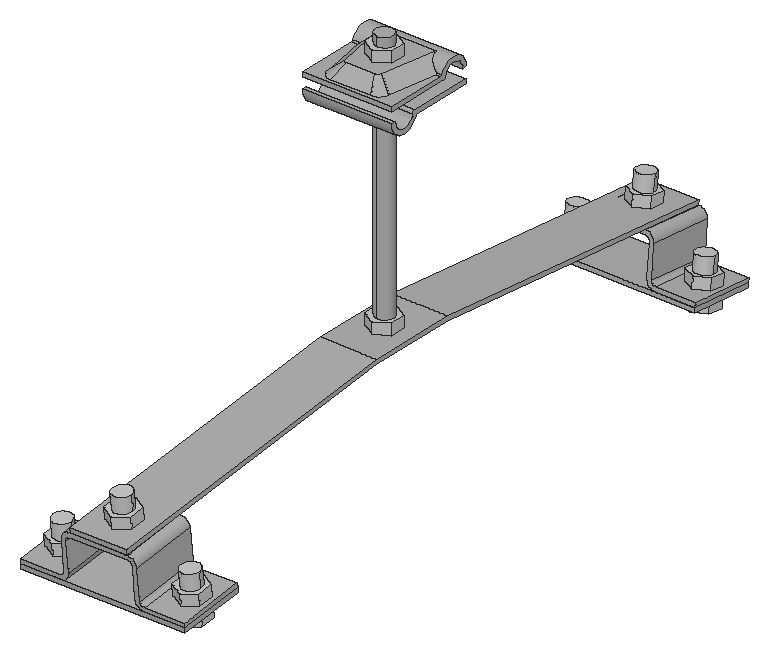
Revit family "DF_ДержательДляКонькаОпорный_Пруток-Пруток_70845_EZETEK", category Соединительные детали воздуховодов, Revit 2017
Family settings
  Размер круглого соединителя = Использовать радиус
  Тип детали = Соединение
  На основе рабочей плоскости = Нет
  Всегда вертикально = Да
  При загрузке вырезать с полостями = Нет
  Общий = Нет
Parameters (values of type "ДержательДляКонькаОпорный_Пруток-Пруток_70845")
  Угол = 90.00°  # constant formula
  Тип = FA_ДержательДляКонькаОпорный_Пруток-Пруток_70845_EZETEK : ДержательДляКонькаОпорный_Пруток-Пруток_70845
  СфераОшибки [instance] = or(ADSK_Размер_Радиус > 5.0 mm, ADSK_Размер_Радиус < 4.0 mm)  # no
  Смещение_Коннекторы_По горизонтали [instance] = if(Графика_Сместить_ПоГоризонтали, 14.0 mm, 0.0 mm)  # 14.0 mm
  Смещение_Коннекторы_По вертикали [instance] = if(Графика_Сместить_ПоВертикали, 2.5 mm, 0.0 mm)  # 2.5 mm
  Смещение_Коннекторы_Длина [instance] = if(Графика_Сместить_ПоДлине, 50.0 mm, 1.0 mm)  # 50.0 mm
  Предупреждение [instance] = if(СфераОшибки, "Допустимые диаметры стержней: 8, 10", "")  # ""
  Описание = "Держатель применяется для крепления прутка на коньке профильной, фальцевой, скатной кровли. Держатель закрепляется на кровле при помощи двух скоб для конька и кровельных саморезов. Для крепления прутка применяется держатель с резьбой М8, аналогичный Арт. 91071."  # constant formula
  Производитель_Контакты = "ezetek@ezetek.ru"  # constant formula
  built-in parameter 1114242 [instance] = 1 = 0  # (empty or 0)
  Изготовитель = "Ezetek"  # constant formula
  Графика_Сместить_ПоДлине [instance] = yes
  Графика_Сместить_ПоГоризонтали [instance] = yes
  Графика_Сместить_ПоВертикали [instance] = yes
  URL = "https://ezetek.ru/"
  R_Error [instance] = 1.0 mm  # constant formula
  R [instance] = if(ADSK_Размер_Радиус > 5.0 mm, 5.0 mm, if(ADSK_Размер_Радиус < 4.0 mm, 4.0 mm, R_Error))  # 1.0 mm
  ADSK_Этаж [instance] = ""
  ADSK_Размер_Радиус [instance] = 5.0 mm
  ADSK_Размер_Диаметр [instance] = ADSK_Размер_Радиус * 2  # 10.0 mm
  ADSK_Примечание [instance] = "Неспецифицируемое"  # constant formula
  ADSK_Позиция [instance] = "Неспецифицируемое"  # constant formula
  ADSK_Обозначение = "Неспецифицируемое"  # constant formula
  ADSK_Наименование краткое [instance] = "Неспецифицируемое"  # constant formula
  ADSK_Наименование = "Неспецифицируемое"  # constant formula
  ADSK_Материал = BIMLIB_Сталь_Оцинкованная_EZETEK
  ADSK_Масса_Текст = "Неспецифицируемое"  # constant formula
  ADSK_Масса = 0  # constant formula
  ADSK_Марка = "Неспецифицируемое"  # constant formula
  ADSK_Количество = 0  # constant formula
  ADSK_Код изделия = "Неспецифицируемое"  # constant formula
  ADSK_Завод-изготовитель = "Неспецифицируемое"  # constant formula
  ADSK_Единица измерения = "Неспецифицируемое"  # constant formula
  ADSK_Группирование [instance] = ""
  ADSK_Версия Revit = "2017"  # constant formula
Reference planes
  plane 1 "По центру (Вперед/Назад)": y = 0
  plane 2: z = 0
  plane 3 "По центру (Влево/Вправо)": x = 0
  plane 4 "в": z = 2.5
  plane 5 "н": z = -2.5
  plane 6: y = 14
  plane 7: y = -14
Forms (mm)
  Revolve 1, solid, material "СфераОшибки_Условный", visible <- "СфераОшибки"
    sketch origin (0, 0, 0) x (1, 0, 0) y (0, 1, 0)
      loop
        arc (1, 0) -> (0, 1) -> (-1, 0) r 1
        line (-1, 0) -> (1, 0)
      axis (1, 0) -> (-1, 0)
    angle from 0 to 360
Lines and regions (mm)
  reference lines
    curve 1: line (50, 14, 2.5) -> (-1.016, 14, 2.5)
    curve 2: line (1.016, -14, -2.5) -> (-50, -14, -2.5)
Dimensions and locks
  "Смещение_Коннекторы_По вертикали": plane 2 to plane 5 "н"
  "Смещение_Коннекторы_По вертикали": plane 4 "в" to plane 2
  curve 1 to curve 1 = 0.0 mm
  curve 2 to curve 2 = 0.0 mm
  "Смещение_Коннекторы_По горизонтали": plane 1 "По центру (Вперед/Назад)" to plane 7
  "Смещение_Коннекторы_По горизонтали": plane 1 "По центру (Вперед/Назад)" to plane 6
  locked: curve 1 to plane 3 "По центру (Влево/Вправо)" at 1.016
  "Смещение_Коннекторы_Длина": plane 3 "По центру (Влево/Вправо)" to curve 1
  "Смещение_Коннекторы_Длина": curve 2 to plane 3 "По центру (Влево/Вправо)"
  locked: plane 3 "По центру (Влево/Вправо)" to curve 2 at 1.016
  "R_Error": radius of Revolve 1 sketch curve
  aligned and locked: level to plane 2
  aligned and locked: plane 1 "По центру (Вперед/Назад)" to Revolve 1 sketch curve  (x2)
  aligned and locked: plane 2 to nested 1
  aligned and locked: curve 1 to plane 4 "в"
  aligned and locked: curve 1 to plane 6
  aligned and locked: plane 7 to curve 2
  aligned and locked: nested 1 to plane 1 "По центру (Вперед/Назад)"
  aligned and locked: plane 3 "По центру (Влево/Вправо)" to nested 1
Automatic sketch dimensions
  plane 1 "По центру (Вперед/Назад)" to Revolve 1 sketch curve = 0.0 mm
  Revolve 1 sketch curve to plane 3 "По центру (Влево/Вправо)" = 0.0 mm
  Revolve 1 sketch curve to Revolve 1 sketch curve = 0.294 mm
  Revolve 1 sketch curve to Revolve 1 sketch curve = 5.119 mm
Nested families
  nested 1: "FA_ДержательДляКонькаОпорный_Пруток-Пруток_70845_EZETEK" at (0, 0, 0) x (0, 1, 0) z (0, 0, 1), ADSK_Группирование <- "ADSK_Группирование", ADSK_Этаж <- "ADSK_Этаж", type "ДержательДляКонькаОпорный_Пруток-Пруток_70845", detail levels medium+fine
    with Использовать масштаб аннотаций 0, ADSK_Этаж "", ADSK_Примечание "", ADSK_Позиция "", ADSK_Наименование краткое "Держатель опорный для конька", ADSK_Группирование ""
Connectors
  hvac at (50, 14, 2.5), driven by "ADSK_Размер_Радиус"
    settings: on curve 1, index 1, duct flow 0.0 L/s, flow factor 0, pres drop 0.0 Pa, loss coef 0, conn angle 0.00°, conn width 304.8 mm, conn height 304.8 mm, conn diameter 10 mm, duct sys type 1, conn prof type 0, flow config 0, flow direction 0, loss method 0, conn ref index 2, conn util no, is conn primary yes, conn desc ""
  hvac at (-50, -14, -2.5), driven by "ADSK_Размер_Радиус"
    settings: on curve 2, index 2, duct flow 0.0 L/s, flow factor 0, pres drop 0.0 Pa, loss coef 0, conn angle 0.00°, conn width 304.8 mm, conn height 304.8 mm, conn diameter 10 mm, duct sys type 1, conn prof type 0, flow config 0, flow direction 0, loss method 0, conn ref index 1, conn util no, is conn primary no, conn desc ""
Definition of nested family "FA_ДержательДляКонькаОпорный_Пруток-Пруток_70845_EZETEK"
  Parameters (values of type "ДержательДляКонькаОпорный_Пруток-Пруток_EZETEK")
    Угол = 90.00°  # constant formula
    Производитель_Контакты = "ezetek@ezetek.ru"  # constant formula
    Description = "Держатель применяется для крепления прутка на коньке профильной, фальцевой, скатной кровли. Держатель закрепляется на кровле при помощи двух скоб для конька и кровельных саморезов. Для крепления прутка применяется держатель с резьбой М8, аналогичный Арт. 91071."  # constant formula
    Использовать масштаб аннотаций [instance] = 1 = 0  # 0
    Manufacturer = "Ezetek"  # constant formula
    URL = "https://ezetek.ru/"
    ADSK_Этаж [instance] = ""
    ADSK_Примечание [instance] = ""
    ADSK_Позиция [instance] = ""
    ADSK_Обозначение = "70845"
    ADSK_Наименование краткое [instance] = "Держатель опорный для конька"
    ADSK_Наименование = "Держатель проводника круглого 8-10 мм для конька опорный, оцинк."
    ADSK_Материал = none
    ADSK_Масса_Текст = "0.63"  # constant formula
    ADSK_Масса = 0.63  # constant formula
    ADSK_Марка = "70845"
    ADSK_Количество = 1  # constant formula
    ADSK_Код изделия = "70845"
    ADSK_Завод-изготовитель = "Ezetek"  # constant formula
    ADSK_Единица измерения = "шт."  # constant formula
    ADSK_Группирование [instance] = ""
    ADSK_Версия Revit = "2017"  # constant formula
  Reference planes
    plane 1 "По центру (Вперед/Назад)": y = 0
    plane 2: z = 0
    plane 3 "По центру (Влево/Вправо)": x = 0
    plane 4: z = -107.5
    plane 5: z = 18.264
    plane 6: z = 2.5
    plane 7: z = -2.5
    plane 8: x = -161.336
    plane 9: x = 161.336
    plane 10: z = -145.736
    plane 11: y = 12.698
    plane 12: y = -12.698
    plane 13: y = 37.073
    plane 14: y = -37.073
    plane 15: y = 28.888
    plane 16: y = -28.888
  Forms (mm)
    Extrusion 1, solid, material <- "ADSK_Материал", detail levels fine
      sketch origin (0, 0, 0) x (1, 0, 0) y (0, 1, 0)
        loop
          circle (0, 0) r 4.007
      from 18.264 to -107.5
    Extrusion 2, solid, detail levels fine
      sketch origin (52, 0, 6.471) x (1, 0, 0) y (0, 1, 0)
        loop
          line (-55.454, 5.982) -> (-58.907, 0) -> (-55.454, -5.982) -> (-48.546, -5.982) -> (-45.093, 0) -> (-48.546, 5.982) -> (-55.454, 5.982)
      from 3 to 8
    Extrusion 3, solid, detail levels fine
      sketch origin (52, 0, -17.474) x (1, 0, 0) y (0, 1, 0)
        loop
          line (-55.454, 5.982) -> (-58.907, 0) -> (-55.454, -5.982) -> (-48.546, -5.982) -> (-45.093, 0) -> (-48.546, 5.982) -> (-55.454, 5.982)
      from 3 to 8
    Blend 4, solid, material <- "ADSK_Материал", detail levels fine
      base sketch origin (-0.018, 0, 2.958) x (0, -1, 0) y (1, 0, 0)
        loop
          line (-17.873, 7.607) -> (-13.913, -14.85)
          arc (-13.913, -14.85) -> (-12.203, -17.812) -> (-8.989, -18.982) r 5
          line (-8.989, -18.982) -> (8.989, -18.982)
          arc (8.989, -18.982) -> (12.203, -17.812) -> (13.913, -14.85) r 5
          line (13.913, -14.85) -> (17.873, 7.607) -> (-17.873, 7.607)
      top sketch origin (-0.018, 0, 2.958) x (0, -1, 0) y (1, 0, 0)
        loop
          line (-12.582, 13.458) -> (-8.166, -11.582)
          arc (-8.166, -11.582) -> (-7.488, -12.757) -> (-6.214, -13.221) r 1.983
          line (-6.214, -13.221) -> (6.185, -13.221)
          arc (6.185, -13.221) -> (7.482, -12.749) -> (8.171, -11.554) r 2.017
          line (8.171, -11.554) -> (12.582, 13.458) -> (-12.582, 13.458)
      from 1.542 to 6.514
    Blend 5, solid, material <- "ADSK_Материал", detail levels fine
      base sketch origin (0.032, -0.06, -2.958) x (-1, 0, 0) y (0, -1, 0)
        loop
          line (7.777, 17.841) -> (-14.837, 13.853)
          arc (-14.837, 13.853) -> (-17.799, 12.143) -> (-18.969, 8.929) r 5
          line (-18.969, 8.929) -> (-18.969, -9.049)
          arc (-18.969, -9.049) -> (-17.799, -12.262) -> (-14.837, -13.973) r 5
          line (-14.837, -13.973) -> (7.777, -17.96) -> (7.777, 17.841)
      top sketch origin (0.032, -0.06, -2.958) x (-1, 0, 0) y (0, -1, 0)
        loop
          line (-11.673, -8.053) -> (13.339, -12.463) -> (13.339, 12.7) -> (-11.701, 8.285)
          arc (-11.701, 8.285) -> (-12.875, 7.607) -> (-13.339, 6.332) r 1.983
          line (-13.339, 6.332) -> (-13.339, -6.067)
          arc (-13.339, -6.067) -> (-12.867, -7.363) -> (-11.673, -8.053) r 2.017
      from -1.542 to -6.516
    Extrusion 6, solid, material <- "ADSK_Материал", detail levels fine
      sketch origin (0, 0, 0) x (1, 0, 0) y (0, 0, 1)
        loop
          arc (8.042, 2.5) -> (8.717, 2.746) -> (9.076, 3.367) r 1.049
          arc (9.076, 3.367) -> (14.435, 7.481) -> (19, 2.5) r 5
          line (19, 2.5) -> (21, 2.5)
          arc (21, 2.5) -> (15.236, 9.39) -> (7.437, 4.934) r 7
          arc (7.437, 4.934) -> (7.193, 4.619) -> (6.813, 4.5) r 0.665
          line (6.813, 4.5) -> (-21, 4.5) -> (-21, 2.5) -> (8.042, 2.5)
        loop
          arc (-8.042, -2.5) -> (-8.717, -2.746) -> (-9.076, -3.367) r 1.049
          arc (-9.076, -3.367) -> (-14.435, -7.481) -> (-19, -2.5) r 5
          line (-19, -2.5) -> (-21, -2.5)
          arc (-21, -2.5) -> (-15.236, -9.39) -> (-7.437, -4.934) r 7
          arc (-7.437, -4.934) -> (-7.193, -4.619) -> (-6.813, -4.5) r 0.665
          line (-6.813, -4.5) -> (21, -4.5) -> (21, -2.5) -> (-8.042, -2.5)
      from 20.103 to -20.103
    Extrusion 7, solid, detail levels fine
      sketch origin (52, 0, -110.5) x (1, 0, 0) y (0, 1, 0)
        loop
          line (-55.454, 5.982) -> (-58.907, 0) -> (-55.454, -5.982) -> (-48.546, -5.982) -> (-45.093, 0) -> (-48.546, 5.982) -> (-55.454, 5.982)
      from 3 to 8
    Extrusion 8, solid, detail levels fine
      sketch origin (-91.221, 28.888, -142.444) x (0.99431, 0, 0.106528) y (0, 1, 0)
        loop
          line (-55.454, 5.982) -> (-58.907, 0) -> (-55.454, -5.982) -> (-48.546, -5.982) -> (-45.093, 0) -> (-48.546, 5.982) -> (-55.454, 5.982)
      from 3 to 8
    Extrusion 9, solid, material <- "ADSK_Материал", detail levels fine
      sketch origin (0, 0, 0) x (1, 0, 0) y (0, 0, 1)
        loop
          line (20, -102.5) -> (161.123, -117.62) -> (161.336, -115.631) -> (20.107, -100.5) -> (-20.107, -100.5) -> (-161.336, -115.631) -> (-161.123, -117.62) -> (-20, -102.5) -> (20, -102.5)
      from 12.698 to -12.698
    Extrusion 10, solid, material <- "ADSK_Материал", detail levels fine
      sketch origin (-147.781, 0, -102.554) x (0.106528, 0, -0.99431) y (0, -1, 0)
        loop
          line (37.688, 37.014) -> (35.688, 37.014) -> (35.688, -37) -> (37.688, -37) -> (37.688, 37.014)
      from 14.871 to -15.105
    Extrusion 11, solid, material <- "ADSK_Материал", detail levels fine
      sketch origin (-148.123, 0, -99.362) x (0.106528, 0, -0.99431) y (0, -1, 0)
        loop
          line (38.899, -37.006) -> (38.899, -18.987)
          arc (38.899, -18.987) -> (37.733, -16.172) -> (34.918, -15.006) r 3.981
          line (34.918, -15.006) -> (20.899, -15.006)
          arc (20.899, -15.006) -> (19.485, -14.42) -> (18.899, -13.006) r 2
          line (18.899, -13.006) -> (18.899, 13.006)
          arc (18.899, 13.006) -> (19.485, 14.42) -> (20.899, 15.006) r 2
          line (20.899, 15.006) -> (34.918, 15.006)
          arc (34.918, 15.006) -> (37.733, 16.172) -> (38.899, 18.987) r 3.981
          line (38.899, 18.987) -> (38.899, 37.006) -> (36.918, 37.006) -> (36.918, 18.957)
          arc (36.918, 18.957) -> (36.347, 17.578) -> (34.968, 17.006) r 1.951
          line (34.968, 17.006) -> (20.899, 17.006)
          arc (20.899, 17.006) -> (18.07, 15.835) -> (16.899, 13.006) r 4
          line (16.899, 13.006) -> (16.899, -13.006)
          arc (16.899, -13.006) -> (18.07, -15.835) -> (20.899, -17.006) r 4
          line (20.899, -17.006) -> (34.968, -17.006)
          arc (34.968, -17.006) -> (36.347, -17.578) -> (36.918, -18.957) r 1.951
          line (36.918, -18.957) -> (36.918, -37.006) -> (38.899, -37.006)
      from 14.871 to -15.105
    Extrusion 12, solid, detail levels fine
      sketch origin (-144.531, -15.058, -136.106) x (0, -1, 0) y (0.99431, 0, 0.106528)
        loop
          circle (-43.947, 0.343) r 4.2
      from 12 to 5
    Extrusion 13, solid, detail levels fine
      sketch origin (-92.178, 28.888, -133.515) x (0.99431, 0, 0.106528) y (0, 1, 0)
        loop
          line (-55.454, 5.982) -> (-58.907, 0) -> (-55.454, -5.982) -> (-48.546, -5.982) -> (-45.093, 0) -> (-48.546, 5.982) -> (-55.454, 5.982)
      from 3 to 8
    Extrusion 14, solid, detail levels fine
      sketch origin (-91.221, -28.888, -142.444) x (0.99431, 0, 0.106528) y (0, 1, 0)
        loop
          line (-55.454, -5.982) -> (-48.546, -5.982) -> (-45.093, 0) -> (-48.546, 5.982) -> (-55.454, 5.982) -> (-58.907, 0) -> (-55.454, -5.982)
      from 3 to 8
    Extrusion 15, solid, detail levels fine
      sketch origin (-144.531, 15.058, -136.106) x (0, 1, 0) y (-0.99431, 0, -0.106528)
        loop
          circle (-43.947, -0.343) r 4.2
      from 12 to 5
    Extrusion 16, solid, detail levels fine
      sketch origin (-92.178, -28.888, -133.515) x (0.99431, 0, 0.106528) y (0, 1, 0)
        loop
          line (-55.454, -5.982) -> (-48.546, -5.982) -> (-45.093, 0) -> (-48.546, 5.982) -> (-55.454, 5.982) -> (-58.907, 0) -> (-55.454, -5.982)
      from 3 to 8
    Extrusion 17, solid, detail levels fine
      sketch origin (-93.626, 0, -120.426) x (0.99431, 0, 0.106528) y (0, 1, 0)
        loop
          line (-55.454, -5.982) -> (-48.546, -5.982) -> (-45.093, 0) -> (-48.546, 5.982) -> (-55.454, 5.982) -> (-58.907, 0) -> (-55.454, -5.982)
      from 3 to 8
    Extrusion 18, solid, detail levels fine
      sketch origin (-146.936, 43.947, -114.088) x (0, 1, 0) y (-0.99431, 0, -0.106528)
        loop
          circle (-43.947, -0.343) r 4.2
      from 12 to 5
    Extrusion 19, solid, detail levels fine
      sketch origin (-94.583, 0, -111.496) x (0.99431, 0, 0.106528) y (0, 1, 0)
        loop
          line (-55.454, -5.982) -> (-48.546, -5.982) -> (-45.093, 0) -> (-48.546, 5.982) -> (-55.454, 5.982) -> (-58.907, 0) -> (-55.454, -5.982)
      from 3 to 8
    Extrusion 20, solid, detail levels fine
      sketch origin (90.981, 28.888, -142.418) x (-0.99431, 0, 0.106528) y (0, -1, 0)
        loop
          line (-55.454, -5.982) -> (-48.546, -5.982) -> (-45.093, 0) -> (-48.546, 5.982) -> (-55.454, 5.982) -> (-58.907, 0) -> (-55.454, -5.982)
      from 3 to 8
    Extrusion 21, solid, material <- "ADSK_Материал", detail levels fine
      sketch origin (147.541, 0, -102.528) x (-0.106528, 0, -0.99431) y (0, -1, 0)
        loop
          line (37.688, 37.014) -> (35.688, 37.014) -> (35.688, -37) -> (37.688, -37) -> (37.688, 37.014)
      from 14.871 to -15.105
    Extrusion 22, solid, material <- "ADSK_Материал", detail levels fine
      sketch origin (147.883, 0, -99.336) x (-0.106528, 0, -0.99431) y (0, -1, 0)
        loop
          line (38.899, -37.006) -> (38.899, -18.987)
          arc (38.899, -18.987) -> (37.733, -16.172) -> (34.918, -15.006) r 3.981
          line (34.918, -15.006) -> (20.899, -15.006)
          arc (20.899, -15.006) -> (19.485, -14.42) -> (18.899, -13.006) r 2
          line (18.899, -13.006) -> (18.899, 13.006)
          arc (18.899, 13.006) -> (19.485, 14.42) -> (20.899, 15.006) r 2
          line (20.899, 15.006) -> (34.918, 15.006)
          arc (34.918, 15.006) -> (37.733, 16.172) -> (38.899, 18.987) r 3.981
          line (38.899, 18.987) -> (38.899, 37.006) -> (36.918, 37.006) -> (36.918, 18.957)
          arc (36.918, 18.957) -> (36.347, 17.578) -> (34.968, 17.006) r 1.951
          line (34.968, 17.006) -> (20.899, 17.006)
          arc (20.899, 17.006) -> (18.07, 15.835) -> (16.899, 13.006) r 4
          line (16.899, 13.006) -> (16.899, -13.006)
          arc (16.899, -13.006) -> (18.07, -15.835) -> (20.899, -17.006) r 4
          line (20.899, -17.006) -> (34.968, -17.006)
          arc (34.968, -17.006) -> (36.347, -17.578) -> (36.918, -18.957) r 1.951
          line (36.918, -18.957) -> (36.918, -37.006) -> (38.899, -37.006)
      from 14.871 to -15.105
    Extrusion 23, solid, detail levels fine
      sketch origin (143.609, -15.058, -136.008) x (0, -1, 0) y (0.99431, 0, -0.106528)
        loop
          circle (-43.947, 0.343) r 4.2
      from 12 to 5
    Extrusion 24, solid, detail levels fine
      sketch origin (91.938, 28.888, -133.489) x (-0.99431, 0, 0.106528) y (0, -1, 0)
        loop
          line (-55.454, -5.982) -> (-48.546, -5.982) -> (-45.093, 0) -> (-48.546, 5.982) -> (-55.454, 5.982) -> (-58.907, 0) -> (-55.454, -5.982)
      from 3 to 8
    Extrusion 25, solid, detail levels fine
      sketch origin (90.981, -28.888, -142.418) x (-0.99431, 0, 0.106528) y (0, -1, 0)
        loop
          line (-55.454, 5.982) -> (-58.907, 0) -> (-55.454, -5.982) -> (-48.546, -5.982) -> (-45.093, 0) -> (-48.546, 5.982) -> (-55.454, 5.982)
      from 3 to 8
    Extrusion 26, solid, detail levels fine
      sketch origin (143.609, 15.058, -136.008) x (0, 1, 0) y (-0.99431, 0, 0.106528)
        loop
          circle (-43.947, -0.343) r 4.2
      from 12 to 5
    Extrusion 27, solid, detail levels fine
      sketch origin (91.938, -28.888, -133.489) x (-0.99431, 0, 0.106528) y (0, -1, 0)
        loop
          line (-55.454, 5.982) -> (-58.907, 0) -> (-55.454, -5.982) -> (-48.546, -5.982) -> (-45.093, 0) -> (-48.546, 5.982) -> (-55.454, 5.982)
      from 3 to 8
    Extrusion 28, solid, detail levels fine
      sketch origin (93.387, 0, -120.4) x (-0.99431, 0, 0.106528) y (0, -1, 0)
        loop
          line (-55.454, 5.982) -> (-58.907, 0) -> (-55.454, -5.982) -> (-48.546, -5.982) -> (-45.093, 0) -> (-48.546, 5.982) -> (-55.454, 5.982)
      from 3 to 8
    Extrusion 29, solid, detail levels fine
      sketch origin (146.696, 43.947, -114.062) x (0, 1, 0) y (-0.99431, 0, 0.106528)
        loop
          circle (-43.947, 0.343) r 4.2
      from 12 to 5
    Extrusion 30, solid, detail levels fine
      sketch origin (94.343, 0, -111.471) x (-0.99431, 0, 0.106528) y (0, -1, 0)
        loop
          line (-55.454, 5.982) -> (-58.907, 0) -> (-55.454, -5.982) -> (-48.546, -5.982) -> (-45.093, 0) -> (-48.546, 5.982) -> (-55.454, 5.982)
      from 3 to 8
    Extrusion 31, solid, detail levels fine
      sketch origin (52, 0, -103.5) x (1, 0, 0) y (0, 1, 0)
        loop
          line (-55.454, 5.982) -> (-58.907, 0) -> (-55.454, -5.982) -> (-48.546, -5.982) -> (-45.093, 0) -> (-48.546, 5.982) -> (-55.454, 5.982)
      from 3 to 8
  Lines and regions (mm)
    reference lines
      curve 1: line (-147.91, 0, -101.35) -> (-143.149, 0, -145.789)
      curve 2: line (147.67, 0, -101.325) -> (142.909, 0, -145.763)
  Dimensions and locks
    locked: Extrusion 6 sketch curve to Extrusion 6 sketch curve at 2  (x2)
    locked: Extrusion 6 to Extrusion 6 at 42
    locked: Extrusion 6 to Extrusion 6 at 40.206
    equal spacing: plane 6, plane 2, plane 7
    locked: plane 6 to plane 7 at 5
    locked: plane 6 to plane 4 at 110
    equal spacing: plane 9, plane 3 "По центру (Влево/Вправо)", plane 8
    locked: plane 9 to plane 8 at 322.671
    locked: plane 5 to plane 10 at 164
    equal spacing: plane 11, plane 1 "По центру (Вперед/Назад)", plane 12
    locked: plane 11 to plane 12 at 25.397
    equal spacing: plane 13, plane 1 "По центру (Вперед/Назад)", plane 14
    locked: plane 14 to plane 13 at 74.147
    Extrusion 11 sketch curve to Extrusion 11 sketch curve = 22.0 mm
    locked: plane 15 to plane 16 at 57.776
    Extrusion 22 sketch curve to Extrusion 22 sketch curve = 22.0 mm
    aligned and locked: level to plane 2
    aligned and locked: Extrusion 1 to plane 4
    aligned and locked: plane 5 to Extrusion 1
    aligned and locked: plane 12 to Extrusion 9
    aligned and locked: plane 11 to Extrusion 9
    aligned and locked: Extrusion 9 to Extrusion 11
    aligned and locked: Extrusion 10 to Extrusion 11
    aligned and locked: Extrusion 21 to Extrusion 22
  Automatic sketch dimensions
    plane 4 to curve 1 = 6.15 mm
    plane 8 to curve 1 = 13.426 mm
    plane 10 to curve 1 = 0.053 mm
    plane 8 to curve 1 = 18.187 mm
    plane 10 to curve 2 = 0.027 mm
    plane 9 to curve 2 = 18.427 mm
    plane 4 to curve 2 = 6.175 mm
    plane 9 to curve 2 = 13.666 mm
    plane 1 "По центру (Вперед/Назад)" to Extrusion 1 sketch curve = 0.0 mm
    Extrusion 1 sketch curve to plane 3 "По центру (Влево/Вправо)" = 0.0 mm
    plane 1 "По центру (Вперед/Назад)" to Extrusion 2 sketch curve = 0.0 mm  (x2)
    Extrusion 2 sketch curve to plane 3 "По центру (Влево/Вправо)" = 6.907 mm
    Extrusion 2 sketch curve to plane 3 "По центру (Влево/Вправо)" = 3.454 mm  (x2)
    plane 3 "По центру (Влево/Вправо)" to Extrusion 2 sketch curve = 3.454 mm  (x2)
    Extrusion 2 sketch curve to Extrusion 2 sketch curve = 3.454 mm
    plane 1 "По центру (Вперед/Назад)" to Extrusion 2 sketch curve = 5.982 mm
    Extrusion 2 sketch curve to plane 1 "По центру (Вперед/Назад)" = 5.982 mm
    plane 1 "По центру (Вперед/Назад)" to Extrusion 3 sketch curve = 0.0 mm  (x2)
    Extrusion 3 sketch curve to plane 3 "По центру (Влево/Вправо)" = 6.907 mm
    Extrusion 3 sketch curve to plane 3 "По центру (Влево/Вправо)" = 3.454 mm  (x2)
    plane 3 "По центру (Влево/Вправо)" to Extrusion 3 sketch curve = 3.454 mm  (x2)
    Extrusion 3 sketch curve to Extrusion 3 sketch curve = 3.454 mm
    plane 1 "По центру (Вперед/Назад)" to Extrusion 3 sketch curve = 5.982 mm
    Extrusion 3 sketch curve to plane 1 "По центру (Вперед/Назад)" = 5.982 mm
    plane 11 to Blend 4 sketch curve = 5.174 mm
    plane 11 to Blend 4 sketch curve = 1.215 mm
    Blend 4 sketch curve to plane 11 = 3.709 mm
    Blend 4 sketch curve to plane 12 = 3.709 mm
    plane 12 to Blend 4 sketch curve = 1.215 mm
    plane 12 to Blend 4 sketch curve = 5.174 mm
    Blend 4 sketch curve to plane 3 "По центру (Влево/Вправо)" = 19.0 mm
    Blend 4 sketch curve to Blend 4 sketch curve = 4.132 mm  (x2)
    plane 3 "По центру (Влево/Вправо)" to Blend 4 sketch curve = 7.59 mm
    Blend 4 sketch curve to plane 11 = 0.117 mm
    Blend 4 sketch curve to plane 11 = 4.532 mm
    Blend 4 sketch curve to Blend 4 sketch curve = 1.953 mm
    plane 1 "По центру (Вперед/Назад)" to Blend 4 sketch curve = 6.185 mm
    Blend 4 sketch curve to Blend 4 sketch curve = 1.986 mm
    Blend 4 sketch curve to plane 12 = 0.117 mm
    Blend 4 sketch curve to plane 3 "По центру (Влево/Вправо)" = 13.239 mm
    Blend 4 sketch curve to Blend 4 sketch curve = 1.639 mm
    Blend 4 sketch curve to Blend 4 sketch curve = 1.667 mm
    plane 3 "По центру (Влево/Вправо)" to Blend 4 sketch curve = 13.44 mm
    Blend 5 sketch curve to plane 12 = 3.709 mm
    plane 3 "По центру (Влево/Вправо)" to Blend 5 sketch curve = 19.0 mm
    plane 12 to Blend 5 sketch curve = 1.215 mm
    Blend 5 sketch curve to Blend 5 sketch curve = 4.132 mm  (x2)
    plane 11 to Blend 5 sketch curve = 1.215 mm
    Blend 5 sketch curve to plane 11 = 3.709 mm
    Blend 5 sketch curve to plane 3 "По центру (Влево/Вправо)" = 7.745 mm
    plane 11 to Blend 5 sketch curve = 5.202 mm
    plane 12 to Blend 5 sketch curve = 5.202 mm
    plane 3 "По центру (Влево/Вправо)" to Blend 5 sketch curve = 13.371 mm
    Blend 5 sketch curve to plane 12 = 4.354 mm
    Blend 5 sketch curve to Blend 5 sketch curve = 1.639 mm
    Blend 5 sketch curve to plane 11 = 4.705 mm
    Blend 5 sketch curve to Blend 5 sketch curve = 1.667 mm
    Blend 5 sketch curve to Blend 5 sketch curve = 0.344 mm
    Blend 5 sketch curve to Blend 5 sketch curve = 2.017 mm
    Blend 5 sketch curve to plane 11 = 0.295 mm
    Blend 5 sketch curve to plane 3 "По центру (Влево/Вправо)" = 13.307 mm
    plane 12 to Blend 5 sketch curve = 0.061 mm
    Extrusion 6 sketch curve to Extrusion 6 sketch curve = 0.0 mm  (x5)
    Extrusion 6 sketch curve to plane 6 = 0.0 mm  (x2)
    Extrusion 6 sketch curve to plane 7 = 0.0 mm  (x2)
    Extrusion 6 sketch curve to plane 3 "По центру (Влево/Вправо)" = 21.0 mm
    Extrusion 6 sketch curve to Extrusion 6 sketch curve = 2.0 mm  (x3)
    Extrusion 6 sketch curve to Extrusion 6 sketch curve = 5.0 mm  (x2)
    Extrusion 6 sketch curve to plane 7 = 1.049 mm
    Extrusion 6 sketch curve to Extrusion 6 sketch curve = 5.958 mm  (x2)
    Extrusion 6 sketch curve to Extrusion 6 sketch curve = 1.229 mm  (x2)
    plane 3 "По центру (Влево/Вправо)" to Extrusion 6 sketch curve = 6.813 mm
    Extrusion 6 sketch curve to Extrusion 6 sketch curve = 0.665 mm  (x2)
    Extrusion 6 sketch curve to plane 6 = 1.049 mm
    plane 1 "По центру (Вперед/Назад)" to Extrusion 7 sketch curve = 0.0 mm  (x2)
    Extrusion 7 sketch curve to plane 3 "По центру (Влево/Вправо)" = 6.907 mm
    Extrusion 7 sketch curve to plane 3 "По центру (Влево/Вправо)" = 3.454 mm  (x2)
    plane 3 "По центру (Влево/Вправо)" to Extrusion 7 sketch curve = 3.454 mm  (x2)
    Extrusion 7 sketch curve to Extrusion 7 sketch curve = 3.454 mm
    plane 1 "По центру (Вперед/Назад)" to Extrusion 7 sketch curve = 5.982 mm
    Extrusion 7 sketch curve to plane 1 "По центру (Вперед/Назад)" = 5.982 mm
    plane 15 to Extrusion 8 sketch curve = 0.0 mm  (x2)
    Extrusion 8 sketch curve to plane 13 = 2.203 mm
    Extrusion 8 sketch curve to Extrusion 8 sketch curve = 3.454 mm  (x3)
    plane 15 to Extrusion 8 sketch curve = 5.982 mm
    Extrusion 8 sketch curve to Extrusion 8 sketch curve = 6.907 mm  (x2)
    Extrusion 9 sketch curve to plane 8 = 0.0 mm
    plane 9 to Extrusion 9 sketch curve = 0.0 mm
    plane 8 to Extrusion 9 sketch curve = 0.213 mm
    plane 4 to Extrusion 9 sketch curve = 7.0 mm
    Extrusion 9 sketch curve to plane 3 "По центру (Влево/Вправо)" = 20.107 mm
    Extrusion 9 sketch curve to Extrusion 9 sketch curve = 0.107 mm  (x2)
    plane 3 "По центру (Влево/Вправо)" to Extrusion 9 sketch curve = 20.0 mm
    plane 9 to Extrusion 9 sketch curve = 0.213 mm
    Extrusion 9 sketch curve to Extrusion 9 sketch curve = 2.0 mm
    Extrusion 10 sketch curve to curve 1 = 7.794 mm
    Extrusion 10 sketch curve to Extrusion 10 sketch curve = 2.0 mm
    Extrusion 10 sketch curve to curve 1 = 37.0 mm
    curve 1 to Extrusion 10 sketch curve = 37.014 mm
    Extrusion 11 sketch curve to Extrusion 11 sketch curve = 0.0 mm  (x4)
    curve 1 to Extrusion 11 sketch curve = 14.899 mm
    Extrusion 11 sketch curve to Extrusion 11 sketch curve = 2.0 mm  (x3)
    Extrusion 11 sketch curve to Extrusion 11 sketch curve = 3.981 mm
    Extrusion 11 sketch curve to curve 1 = 11.775 mm
    Extrusion 11 sketch curve to Extrusion 11 sketch curve = 0.049 mm  (x2)
    Extrusion 11 sketch curve to Extrusion 11 sketch curve = 1.981 mm  (x2)
    Extrusion 11 sketch curve to Extrusion 11 sketch curve = 1.951 mm
    Extrusion 11 sketch curve to curve 1 = 37.006 mm
    Extrusion 11 sketch curve to curve 1 = 18.987 mm
    Extrusion 11 sketch curve to curve 1 = 13.006 mm
    curve 1 to Extrusion 11 sketch curve = 37.006 mm
    Extrusion 11 to Extrusion 12 sketch curve = 14.871 mm
    Extrusion 11 to Extrusion 12 sketch curve = 47.845 mm
    plane 15 to Extrusion 13 sketch curve = 0.0 mm  (x2)
    Extrusion 13 sketch curve to plane 13 = 2.203 mm
    Extrusion 13 sketch curve to Extrusion 13 sketch curve = 3.454 mm  (x3)
    plane 15 to Extrusion 13 sketch curve = 5.982 mm
    Extrusion 13 sketch curve to Extrusion 13 sketch curve = 6.907 mm  (x2)
    Extrusion 14 sketch curve to plane 16 = 0.0 mm  (x2)
    Extrusion 14 sketch curve to plane 14 = 2.203 mm
    Extrusion 14 sketch curve to Extrusion 14 sketch curve = 3.454 mm  (x3)
    plane 16 to Extrusion 14 sketch curve = 5.982 mm
    Extrusion 14 sketch curve to Extrusion 14 sketch curve = 6.907 mm  (x2)
    Extrusion 11 to Extrusion 15 sketch curve = 8.118 mm
    Extrusion 11 to Extrusion 15 sketch curve = 14.871 mm
    Extrusion 16 sketch curve to plane 16 = 0.0 mm  (x2)
    Extrusion 16 sketch curve to plane 14 = 2.203 mm
    Extrusion 16 sketch curve to Extrusion 16 sketch curve = 3.454 mm  (x3)
    plane 16 to Extrusion 16 sketch curve = 5.982 mm
    Extrusion 16 sketch curve to Extrusion 16 sketch curve = 6.907 mm  (x2)
    plane 1 "По центру (Вперед/Назад)" to Extrusion 17 sketch curve = 0.0 mm  (x2)
    plane 1 "По центру (Вперед/Назад)" to Extrusion 17 sketch curve = 5.982 mm
    Extrusion 17 sketch curve to Extrusion 17 sketch curve = 3.454 mm  (x3)
    Extrusion 17 sketch curve to plane 1 "По центру (Вперед/Назад)" = 5.982 mm
    Extrusion 17 sketch curve to Extrusion 17 sketch curve = 6.907 mm  (x2)
    plane 1 "По центру (Вперед/Назад)" to Extrusion 18 sketch curve = 0.0 mm
    plane 1 "По центру (Вперед/Назад)" to Extrusion 19 sketch curve = 0.0 mm  (x2)
    plane 1 "По центру (Вперед/Назад)" to Extrusion 19 sketch curve = 5.982 mm
    Extrusion 19 sketch curve to Extrusion 19 sketch curve = 3.454 mm  (x3)
    Extrusion 19 sketch curve to plane 1 "По центру (Вперед/Назад)" = 5.982 mm
    Extrusion 19 sketch curve to Extrusion 19 sketch curve = 6.907 mm  (x2)
    plane 15 to Extrusion 20 sketch curve = 0.0 mm  (x2)
    Extrusion 20 sketch curve to plane 13 = 2.203 mm
    Extrusion 20 sketch curve to Extrusion 20 sketch curve = 3.454 mm  (x3)
    plane 15 to Extrusion 20 sketch curve = 5.982 mm
    Extrusion 20 sketch curve to Extrusion 20 sketch curve = 6.907 mm  (x2)
    Extrusion 21 sketch curve to curve 2 = 7.794 mm
    Extrusion 21 sketch curve to Extrusion 21 sketch curve = 2.0 mm
    Extrusion 21 sketch curve to curve 2 = 37.0 mm
    curve 2 to Extrusion 21 sketch curve = 37.014 mm
    Extrusion 22 sketch curve to Extrusion 22 sketch curve = 0.0 mm  (x4)
    curve 2 to Extrusion 22 sketch curve = 14.899 mm
    Extrusion 22 sketch curve to Extrusion 22 sketch curve = 2.0 mm  (x3)
    Extrusion 22 sketch curve to Extrusion 22 sketch curve = 3.981 mm
    Extrusion 22 sketch curve to curve 2 = 11.775 mm
    Extrusion 22 sketch curve to Extrusion 22 sketch curve = 0.049 mm  (x2)
    Extrusion 22 sketch curve to Extrusion 22 sketch curve = 1.981 mm  (x2)
    Extrusion 22 sketch curve to Extrusion 22 sketch curve = 1.951 mm
    Extrusion 22 sketch curve to curve 2 = 37.006 mm
    Extrusion 22 sketch curve to curve 2 = 18.987 mm
    Extrusion 22 sketch curve to curve 2 = 13.006 mm
    curve 2 to Extrusion 22 sketch curve = 37.006 mm
    Extrusion 22 to Extrusion 23 sketch curve = 14.871 mm
    Extrusion 22 to Extrusion 23 sketch curve = 47.845 mm
    plane 15 to Extrusion 24 sketch curve = 0.0 mm  (x2)
    Extrusion 24 sketch curve to plane 13 = 2.203 mm
    Extrusion 24 sketch curve to Extrusion 24 sketch curve = 3.454 mm  (x3)
    plane 15 to Extrusion 24 sketch curve = 5.982 mm
    Extrusion 24 sketch curve to Extrusion 24 sketch curve = 6.907 mm  (x2)
    Extrusion 25 sketch curve to plane 16 = 0.0 mm  (x2)
    Extrusion 25 sketch curve to plane 14 = 2.203 mm
    Extrusion 25 sketch curve to Extrusion 25 sketch curve = 3.454 mm  (x3)
    plane 16 to Extrusion 25 sketch curve = 5.982 mm
    Extrusion 25 sketch curve to Extrusion 25 sketch curve = 6.907 mm  (x2)
    Extrusion 22 to Extrusion 26 sketch curve = 8.118 mm
    Extrusion 22 to Extrusion 26 sketch curve = 14.871 mm
    Extrusion 27 sketch curve to plane 16 = 0.0 mm  (x2)
    Extrusion 27 sketch curve to plane 14 = 2.203 mm
    Extrusion 27 sketch curve to Extrusion 27 sketch curve = 3.454 mm  (x3)
    plane 16 to Extrusion 27 sketch curve = 5.982 mm
    Extrusion 27 sketch curve to Extrusion 27 sketch curve = 6.907 mm  (x2)
    plane 1 "По центру (Вперед/Назад)" to Extrusion 28 sketch curve = 0.0 mm  (x2)
    plane 1 "По центру (Вперед/Назад)" to Extrusion 28 sketch curve = 5.982 mm
    Extrusion 28 sketch curve to Extrusion 28 sketch curve = 3.454 mm  (x3)
    Extrusion 28 sketch curve to plane 1 "По центру (Вперед/Назад)" = 5.982 mm
    Extrusion 28 sketch curve to Extrusion 28 sketch curve = 6.907 mm  (x2)
    plane 1 "По центру (Вперед/Назад)" to Extrusion 29 sketch curve = 0.0 mm
    plane 1 "По центру (Вперед/Назад)" to Extrusion 30 sketch curve = 0.0 mm  (x2)
    plane 1 "По центру (Вперед/Назад)" to Extrusion 30 sketch curve = 5.982 mm
    Extrusion 30 sketch curve to Extrusion 30 sketch curve = 3.454 mm  (x3)
    Extrusion 30 sketch curve to plane 1 "По центру (Вперед/Назад)" = 5.982 mm
    Extrusion 30 sketch curve to Extrusion 30 sketch curve = 6.907 mm  (x2)
    plane 1 "По центру (Вперед/Назад)" to Extrusion 31 sketch curve = 0.0 mm  (x2)
    Extrusion 31 sketch curve to plane 3 "По центру (Влево/Вправо)" = 6.907 mm
    Extrusion 31 sketch curve to plane 3 "По центру (Влево/Вправо)" = 3.454 mm  (x2)
    plane 3 "По центру (Влево/Вправо)" to Extrusion 31 sketch curve = 3.454 mm  (x2)
    Extrusion 31 sketch curve to Extrusion 31 sketch curve = 3.454 mm
    plane 1 "По центру (Вперед/Назад)" to Extrusion 31 sketch curve = 5.982 mm
    Extrusion 31 sketch curve to plane 1 "По центру (Вперед/Назад)" = 5.982 mm
    radius of Extrusion 1 sketch curve = 4.007 mm
    radius of Extrusion 12 sketch curve = 4.2 mm
    radius of Extrusion 15 sketch curve = 4.2 mm
    radius of Extrusion 18 sketch curve = 4.2 mm
    radius of Extrusion 23 sketch curve = 4.2 mm
    radius of Extrusion 26 sketch curve = 4.2 mm
    radius of Extrusion 29 sketch curve = 4.2 mm
